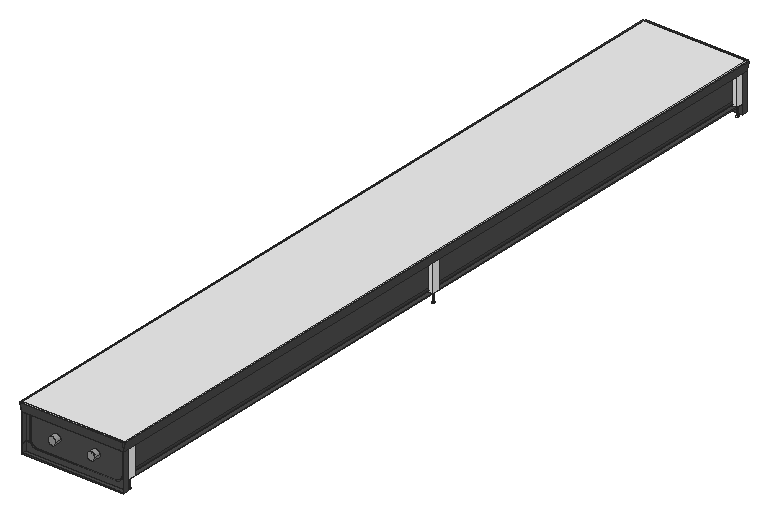
Revit family
Parameters (values of type "6955-Convec Floorline")
  URL = "http://viewer.zmags.com/publication/8c5887af"
  Tap Right Center = yes
  Tap Right = yes
  Tap Offset Right = if(Tap Right Center, 42.5 mm, 20 mm)  # 42.5 mm
  Tap Offset Left = if(Tap Left Center, 42.5 mm, 20 mm)  # 42.5 mm
  Tap Left Center = yes
  Tap Left = yes
  Model = "Convec Floorline"
  Manufacturer = "Meinertz"
  Keynote = "Convec Floorline"
  Grill = Aluminum Anodized White Grill 6955
  Screw = Aluminum Anodized White
  Length = 1000 mm
  Height = 59 mm  # constant formula
  GoGetNo = 6955  # constant formula
  Frame = Aluminum Anodized Black
  Width = 135 mm  # constant formula
  Assembly Code = ""
Reference planes
  plane 1 "Center (Front/Back)": y = 0
  plane 2: z = 0
  plane 3 "Center (Left/Right)": x = 0
  plane 4: x = -67.5
  plane 5: x = 67.5
  plane 6: y = 500
  plane 7: y = -500
  plane 8: z = -59
  plane 9 "Tap Center": z = -29.5
  plane 10: x = -25
  plane 11: x = 25
  plane 12: x = -25
  plane 13: x = 25
Forms (mm)
  Extrusion 1, void
    sketch origin (0, 0, 0) x (1, 0, 0) y (0, 1, 0)
      loop
        line (-67.5, 500) -> (-67.5, -500) -> (67.5, -500) -> (67.5, 500) -> (-67.5, 500)
    from -59 to 0
  Extrusion 2, solid, material "Tap", visible <- "Tap Right"
    sketch origin (64.5, -492.5, -11) x (-1, 0, 0) y (0, 0, -1)
      loop
        circle (89.5, 18.5) r 4.8
      loop
        circle (39.5, 18.5) r 4.8
    from 0 to 7.5
  Extrusion 3, solid, material "Tap", visible <- "Tap Left"
    sketch origin (64.5, 492.5, -11) x (0, 0, -1) y (-1, 0, 0)
      loop
        circle (18.5, 39.5) r 4.8
      loop
        circle (18.5, 89.5) r 4.8
    from 0 to 7.5
Dimensions and locks
  equal spacing: plane 7, plane 1 "Center (Front/Back)", plane 6
  "Length": plane 7 to plane 6
  equal spacing: plane 4, plane 3 "Center (Left/Right)", plane 5
  "Width": plane 4 to plane 5
  "Height": plane 2 to plane 8
  equal spacing: plane 2, plane 9 "Tap Center", plane 8
  locked: plane 10 to plane 11 at 50
  "Tap Offset Right": plane 11 to plane 5
  equal spacing: Extrusion 2 sketch curve, plane 11, Extrusion 2 sketch curve
  equal spacing: Extrusion 2 sketch curve, plane 10, Extrusion 2 sketch curve
  locked: plane 12 to plane 13 at 50
  "Tap Offset Left": plane 13 to plane 5
  equal spacing: Extrusion 3, plane 13, Extrusion 3
  equal spacing: Extrusion 3, plane 12, Extrusion 3
  aligned and locked: Extrusion 1 sketch curve to nested 1  (x4)
  aligned and locked: Extrusion 1 to nested 1
  aligned and locked: plane 2 to Extrusion 1
Automatic sketch dimensions
  Extrusion 2 sketch curve to nested 1 = 16.5 mm  (x2)
  Extrusion 3 sketch curve to nested 1 = 16.5 mm  (x2)
  Extrusion 3 sketch curve to nested 1 = 34 mm  (x2)
  radius of Extrusion 2 sketch curve = 4.8 mm  (x2)
  radius of Extrusion 3 sketch curve = 4.8 mm  (x2)
Nested families
  nested 1: "Convec Floorline_Hatch" at (0, 0, -59), type "Convec Floorline_var01"
Connectors
  piping at (-25, -500, -29.5)
    settings: on Extrusion 2, index 1, connector radius 4.8 mm, flow factor 0, pipe flow 0.0 L/s, pressure drop 0.0 Pa, fitting loss kfactor 0, connector angle 0.00°, fixture units 0, flow configuration 1, flow direction 1, fitting loss method 0, system type 22, connector reference index -1, connector utility 0, adjustable connector no, is connector primary yes, fitting loss table "", connector description ""
  piping at (25, -500, -29.5)
    settings: on Extrusion 2, index 2, connector radius 4.8 mm, flow factor 0, pipe flow 0.0 L/s, pressure drop 0.0 Pa, fitting loss kfactor 0, connector angle 0.00°, fixture units 0, flow configuration 1, flow direction 2, fitting loss method 0, system type 22, connector reference index -1, connector utility 0, adjustable connector no, is connector primary no, fitting loss table "", connector description ""
  piping at (25, 500, -29.5)
    settings: on Extrusion 3, index 3, connector radius 4.8 mm, flow factor 0, pipe flow 0.0 L/s, pressure drop 0.0 Pa, fitting loss kfactor 0, connector angle 0.00°, fixture units 0, flow configuration 1, flow direction 1, fitting loss method 0, system type 22, connector reference index -1, connector utility 0, adjustable connector no, is connector primary no, fitting loss table "", connector description ""
  piping at (-25, 500, -29.5)
    settings: on Extrusion 3, index 4, connector radius 4.8 mm, flow factor 0, pipe flow 0.0 L/s, pressure drop 0.0 Pa, fitting loss kfactor 0, connector angle 0.00°, fixture units 0, flow configuration 1, flow direction 2, fitting loss method 0, system type 22, connector reference index -1, connector utility 0, adjustable connector no, is connector primary no, fitting loss table "", connector description ""
Definition of nested family "Convec Floorline_Hatch"
  Parameters (values of type "Convec Floorline_var01")
    Grill = Aluminum Anodized White Grill 6955
    Screw = Aluminum Anodized White
    Mask Width = 3.43 mm
    Length = 1000 mm
    Height = 59 mm
    Frame = Aluminum Anodized Black
    Depth = 135 mm
    Assembly Code = ""
    Array Number Screw = (Length / 500 mm) + 1  # 3
    Array Distance Screw = Length - (13.5 mm * 2)  # 973 mm
  Reference planes
    plane 1 "Center (Front/Back)": y = 0
    plane 2: z = 0
    plane 3 "Center (Left/Right)": x = 0
    plane 4: x = 67.5
    plane 5: x = -67.5
    plane 6: y = -500
    plane 7: y = 500
    plane 8: z = 59
    plane 9: x = -65.5
    plane 10: x = 65.5
    plane 11: y = -491.5
    plane 12: y = 491.5
    plane 13: y = -492.5
    plane 14: y = 492.5
    plane 15: y = -498
    plane 16: y = 498
    plane 17: x = -64.5
    plane 18: x = 64.5
    plane 19: z = 1
    plane 20: z = 48
    plane 21: y = -494.92
    plane 22: y = 494.92
    plane 23: y = -150
    plane 24: y = -150
    plane 25: y = -486.5
    plane 26: y = 486.5
  Forms (mm)
    Extrusion 1, solid, material "Aluminum Anodized Black" <- "Frame"
      sketch origin (1944.447, -500, 1200) x (1, 0, 0) y (0, 0, 1)
        loop
          line (-2009.112, -1151) -> (-2010.931, -1141) -> (-2011.947, -1141) -> (-2009.947, -1152) -> (-2004.447, -1152) -> (-2004.447, -1182.5)
          arc (-2004.447, -1182.5) -> (-2004.176, -1184.813) -> (-2003.377, -1187) r 10
          line (-2003.377, -1187) -> (-2009.947, -1187) -> (-2009.947, -1188) -> (-2002.799, -1188)
          arc (-2002.799, -1188) -> (-1999.19, -1191.303) -> (-1994.447, -1192.5) r 10
          line (-1994.447, -1192.5) -> (-1894.447, -1192.5)
          arc (-1894.447, -1192.5) -> (-1889.704, -1191.303) -> (-1886.095, -1188) r 10
          line (-1886.095, -1188) -> (-1878.947, -1188) -> (-1878.947, -1187) -> (-1885.517, -1187)
          arc (-1885.517, -1187) -> (-1884.718, -1184.813) -> (-1884.447, -1182.5) r 10
          line (-1884.447, -1182.5) -> (-1884.447, -1152) -> (-1878.947, -1152) -> (-1876.947, -1141) -> (-1877.963, -1141) -> (-1879.782, -1151) -> (-1885.447, -1151) -> (-1885.447, -1182.5)
          arc (-1885.447, -1182.5) -> (-1888.083, -1188.864) -> (-1894.447, -1191.5) r 9
          line (-1894.447, -1191.5) -> (-1994.447, -1191.5)
          arc (-1994.447, -1191.5) -> (-2000.811, -1188.864) -> (-2003.447, -1182.5) r 9
          line (-2003.447, -1182.5) -> (-2003.447, -1151) -> (-2009.112, -1151)
      from -998 to -2
    Extrusion 2, solid, material "Aluminum Anodized Black" <- "Frame"
      sketch origin (67.5, 1296.25, 1200) x (0, 1, 0) y (0, 0, 1)
        loop
          line (-1787.75, -1200) -> (-1787.75, -1151) -> (-1793.416, -1151) -> (-1795.234, -1141) -> (-1796.25, -1141) -> (-1794.25, -1152) -> (-1794.25, -1200) -> (-1787.75, -1200)
      from -133 to -2
    Extrusion 3, solid, material "Aluminum Anodized Black" <- "Frame"
      sketch origin (67.5, 1296.25, 1200) x (0, 1, 0) y (0, 0, 1)
        loop
          line (-804.75, -1200) -> (-798.25, -1200) -> (-798.25, -1152) -> (-796.25, -1141) -> (-797.267, -1141) -> (-799.085, -1151) -> (-804.75, -1151) -> (-804.75, -1200)
      from -133 to -2
    Extrusion 4, void
      sketch origin (1944.447, -500, 1200) x (-1, 0, 0) y (0, 0, 1)
        loop
          line (2008.947, -1152) -> (1879.947, -1152) -> (1879.947, -1199) -> (2008.947, -1199) -> (2008.947, -1152)
      from 0 to 7.5
    Extrusion 5, void
      sketch origin (1944.447, 500, 1200) x (-1, 0, 0) y (0, 0, 1)
        loop
          line (1879.947, -1152) -> (1879.947, -1199) -> (2008.947, -1199) -> (2008.947, -1152) -> (1879.947, -1152)
      from -7.5 to 0
    Extrusion 6, solid, material "Aluminum Anodized White Grill 6955" <- "Grill"
      sketch origin (0, 0, 0) x (1, 0, 0) y (0, 1, 0)
        loop
          line (-65.5, -497.165) -> (65.5, -497.165) -> (65.5, 497.165) -> (-65.5, 497.165) -> (-65.5, -497.165)
      from 49 to 59
  Cuts and joins
    Extrusion 4, Extrusion 5 cuts Extrusion 1
    Extrusion 4 cuts Extrusion 2
    Extrusion 5 cuts Extrusion 3
  Lines and regions (mm)
    Masking region 1
      outline origin (67.5, 1296.25, 1200) x (0, 1, 0) y (0, 0, 1)
        loop
          line (-1794.25, -1152) -> (-1794.25, -1200) -> (-1787.75, -1200) -> (-1787.75, -1152) -> (-1794.25, -1152)
        loop
          line (-804.75, -1152) -> (-804.75, -1200) -> (-798.25, -1200) -> (-798.25, -1152) -> (-804.75, -1152)
    Masking region 2, not visible
      outline origin (0, 0, 0) x (1, 0, 0) y (0, 1, 0)
        loop
          line (-64.5, -150.75) -> (64.5, -150.75) -> (64.5, -149.25) -> (-64.5, -149.25) -> (-64.5, -150.75)
    Masking region 3, not visible
      outline origin (0, 0, 0) x (1, 0, 0) y (0, 1, 0)
        loop
          line (64.5, -150.75) -> (65.5, -150.75) -> (66.484, -150.75) -> (66.484, -149.25) -> (65.5, -149.25) -> (64.5, -149.25) -> (64.5, -150.75)
        loop
          line (-64.5, -150.75) -> (-64.5, -149.25) -> (-65.5, -149.25) -> (-66.484, -149.25) -> (-66.484, -150.75) -> (-65.5, -150.75) -> (-64.5, -150.75)
    symbolic lines
      curve 1: line (-65.5, 0, 48) -> (-67.5, 0, 59)
      curve 2: line (-67.5, 0, 59) -> (-66.484, 0, 59)
      curve 3: line (-66.484, 0, 59) -> (-65.5, 0, 53.59)
      curve 4: line (65.5, 0, 48) -> (67.5, 0, 59)
      curve 5: line (67.5, 0, 59) -> (66.484, 0, 59)
      curve 6: line (66.484, 0, 59) -> (65.5, 0, 53.59)
  Dimensions and locks
    "Length": plane 6 to plane 7
    "Depth": plane 5 to plane 4
    "Height": plane 8 to level
    equal spacing: plane 6, plane 1 "Center (Front/Back)", plane 7
    equal spacing: plane 5, plane 3 "Center (Left/Right)", plane 4
    Extrusion 1 to plane 5 = 8.5 mm
    locked: plane 12 to plane 7 at 8.5
    locked: plane 6 to plane 11 at 8.5
    locked: plane 13 to plane 11 at 1
    locked: plane 12 to plane 14 at 1
    locked: plane 6 to plane 15 at 2
    locked: plane 16 to plane 7 at 2
    Extrusion 2 to plane 17 = 1 mm
    Extrusion 2 to plane 18 = 1 mm
    locked: plane 19 to Extrusion 2 at 1
    plane 17 to cut or joined group of Extrusion 1, Extrusion 4, Extrusion 5 = 1 mm
    plane 18 to cut or joined group of Extrusion 1, Extrusion 4, Extrusion 5 = 1 mm
    equal spacing: plane 21, plane 1 "Center (Front/Back)", plane 22
    locked: plane 21 to plane 22 at 989.84
    equal spacing: plane 25, plane 1 "Center (Front/Back)", plane 26
    "Array Distance Screw": plane 25 to plane 26
    equal spacing: group 2, group 4, group 3  (x3)
    equal spacing: group 5, group 7, group 6  (x3)
    aligned and locked: plane 9 to Extrusion 1 sketch curve
    aligned and locked: plane 10 to Extrusion 1 sketch curve
    aligned and locked: Extrusion 1 sketch curve to plane 8
    aligned and locked: plane 15 to Extrusion 1
    aligned and locked: Extrusion 1 to plane 16
    aligned and locked: plane 11 to Extrusion 2 sketch curve
    aligned and locked: Extrusion 2 sketch curve to plane 15
    aligned and locked: level to Extrusion 2 sketch curve
    aligned and locked: Extrusion 2 sketch curve to Extrusion 1
    aligned and locked: plane 8 to Extrusion 2 sketch curve
    aligned and locked: plane 12 to Extrusion 3 sketch curve
    aligned and locked: Extrusion 3 sketch curve to level
    aligned and locked: Extrusion 3 sketch curve to plane 16
    aligned and locked: Extrusion 1 to Extrusion 3 sketch curve
    aligned and locked: Extrusion 3 sketch curve to plane 8
    aligned and locked: Extrusion 1 to plane 20
    aligned and locked: plane 17 to Extrusion 4 sketch curve
    aligned and locked: Extrusion 4 sketch curve to plane 20
    aligned and locked: plane 19 to Extrusion 4 sketch curve
    aligned and locked: Extrusion 4 sketch curve to plane 18
    aligned and locked: plane 6 to Extrusion 4
    aligned and locked: Extrusion 4 to plane 13
    aligned and locked: plane 18 to Extrusion 5 sketch curve
    aligned and locked: plane 20 to Extrusion 5 sketch curve
    aligned and locked: plane 17 to Extrusion 5 sketch curve
    aligned and locked: plane 19 to Extrusion 5 sketch curve
    aligned and locked: plane 14 to Extrusion 5
    aligned and locked: Extrusion 5 to plane 7
    aligned and locked: Extrusion 6 sketch curve to cut or joined group of Extrusion 2, Extrusion 4  (x2)
    aligned and locked: cut or joined group of Extrusion 3, Extrusion 5 to Extrusion 6 sketch curve
    aligned and locked: Extrusion 6 sketch curve to cut or joined group of Extrusion 3, Extrusion 5
    aligned and locked: Extrusion 6 to cut or joined group of Extrusion 1, Extrusion 4, Extrusion 5
    aligned and locked: plane 8 to Extrusion 6
    aligned and locked: cut or joined group of Extrusion 3, Extrusion 5 to cut or joined group of Extrusion 1, Extrusion 4, Extrusion 5  (x2)
    aligned and locked: cut or joined group of Extrusion 1, Extrusion 4, Extrusion 5 to Masking region 1 sketch curve
    aligned and locked: Masking region 1 sketch curve to cut or joined group of Extrusion 2, Extrusion 4  (x3)
    aligned and locked: plane 25 to nested 1
    aligned and locked: plane 25 to nested 4
  Automatic sketch dimensions
    Extrusion 1 sketch curve to Extrusion 1 sketch curve = 0 mm  (x12)
    Extrusion 1 sketch curve to plane 5 = 0 mm
    Extrusion 1 sketch curve to plane 9 = 0 mm
    Extrusion 1 sketch curve to plane 10 = 0 mm
    Extrusion 1 sketch curve to plane 8 = 0 mm
    Extrusion 1 sketch curve to plane 4 = 0 mm
    Extrusion 1 sketch curve to plane 9 = 0.984 mm
    plane 9 to Extrusion 1 sketch curve = 0.835 mm
    plane 9 to Extrusion 1 sketch curve = 5.5 mm
    Extrusion 1 sketch curve to Extrusion 1 sketch curve = 1 mm  (x5)
    Extrusion 1 sketch curve to Extrusion 1 sketch curve = 0.07 mm  (x2)
    Extrusion 1 sketch curve to Extrusion 1 sketch curve = 0.579 mm  (x2)
    Extrusion 1 sketch curve to Extrusion 1 sketch curve = 9 mm
    Extrusion 1 sketch curve to plane 10 = 15.5 mm
    Extrusion 1 sketch curve to plane 10 = 7.148 mm
    Extrusion 1 sketch curve to plane 10 = 0.835 mm
    plane 10 to Extrusion 1 sketch curve = 0.984 mm
    Extrusion 1 sketch curve to plane 8 = 10 mm  (x2)
    level to Extrusion 1 sketch curve = 17.5 mm
    plane 6 to Extrusion 2 sketch curve = 0 mm
    Extrusion 2 sketch curve to Extrusion 2 sketch curve = 1.016 mm
    Extrusion 2 sketch curve to Extrusion 2 sketch curve = 0.835 mm
    Extrusion 2 sketch curve to Extrusion 2 sketch curve = 1 mm
    Extrusion 3 sketch curve to Extrusion 3 sketch curve = 0.835 mm
    Extrusion 3 sketch curve to Extrusion 3 sketch curve = 1.818 mm
    Extrusion 3 sketch curve to Extrusion 3 sketch curve = 1.016 mm
    Extrusion 3 sketch curve to Extrusion 3 sketch curve = 1 mm
    Masking region 1 sketch curve to plane 12 = 0 mm
    Masking region 1 sketch curve to plane 16 = 0 mm
    Masking region 1 sketch curve to level = 0 mm
    Masking region 1 sketch curve to plane 20 = 0 mm
    curve 1 to plane 5 = 0 mm
    curve 2 to plane 8 = 0 mm
    curve 1 to plane 20 = 0 mm
    curve 4 to plane 20 = 0 mm
    curve 5 to plane 8 = 0 mm
    curve 5 to plane 4 = 0 mm
    curve 1 to curve 2 = 1.016 mm
    curve 3 to plane 17 = 1 mm
    curve 1 to plane 17 = 1 mm
    curve 4 to plane 18 = 1 mm
    curve 6 to plane 18 = 1 mm
    curve 5 to plane 4 = 1.016 mm
    curve 3 to plane 8 = 5.41 mm
    curve 6 to plane 8 = 5.41 mm
    Masking region 3 sketch curve to Masking region 3 sketch curve = 0.984 mm  (x3)
    plane 23 to Masking region 2 sketch curve = 0.75 mm
    Masking region 2 sketch curve to Masking region 2 sketch curve = 129 mm
    Masking region 2 sketch curve to plane 23 = 0.75 mm
    Masking region 3 sketch curve to plane 24 = 0.75 mm  (x2)
    Masking region 3 sketch curve to Masking region 3 sketch curve = 1 mm  (x3)
    plane 24 to Masking region 3 sketch curve = 0.75 mm  (x2)
    Masking region 3 sketch curve to Masking region 3 sketch curve = 129 mm
  Nested families
    nested 1: "Convec Floorline - Screw" at (62.75, -486.5, 0), type "Screw"
    nested 2: "Convec Floorline - Screw" at (62.75, 486.5, 0), type "Screw"
    nested 3: "Convec Floorline - Screw" at (62.75, 0, 0), type "Screw"
    nested 4: "Convec Floorline - Screw" at (-62.75, -486.5, 0), type "Screw"
    nested 5: "Convec Floorline - Screw" at (-62.75, 486.5, 0), type "Screw"
    nested 6: "Convec Floorline - Screw" at (-62.75, 0, 0), type "Screw"
  Definition of nested family "Convec Floorline - Screw"
    Parameters (values of type "Screw")
      Screw = Aluminum Anodized White
      Assembly Code = ""
    Reference planes
      plane 1 "Center (Front/Back)": y = 0
      plane 2: z = 0
      plane 3 "Center (Left/Right)": x = 0
      plane 4: z = 13
      plane 5: z = 48
    Forms (mm)
      Extrusion 1, solid, material "Aluminum Anodized White" <- "Screw"
        sketch origin (-62.75, 0, 0) x (1, 0, 0) y (0, 1, 0)
          loop
            line (60, 5) -> (60, -5) -> (65.5, -5) -> (65.5, 5) -> (60, 5)
        from 13 to 48
      Revolve 2, solid, material "Aluminum Anodized White" <- "Screw"
        sketch origin (-62.75, 0, 0) x (1, 0, 0) y (0, 0, 1)
          loop
            line (62.75, 12) -> (62.75, 0) -> (64.55, 0) -> (63.55, 1) -> (63.55, 12) -> (62.75, 12)
          axis (62.75, 0) -> (62.75, 12)
        angle from 0 to 360
    Dimensions and locks
      plane 5 to plane 4 = 35 mm
      aligned and locked: Extrusion 1 to plane 4
      aligned and locked: Revolve 2 sketch curve to level
